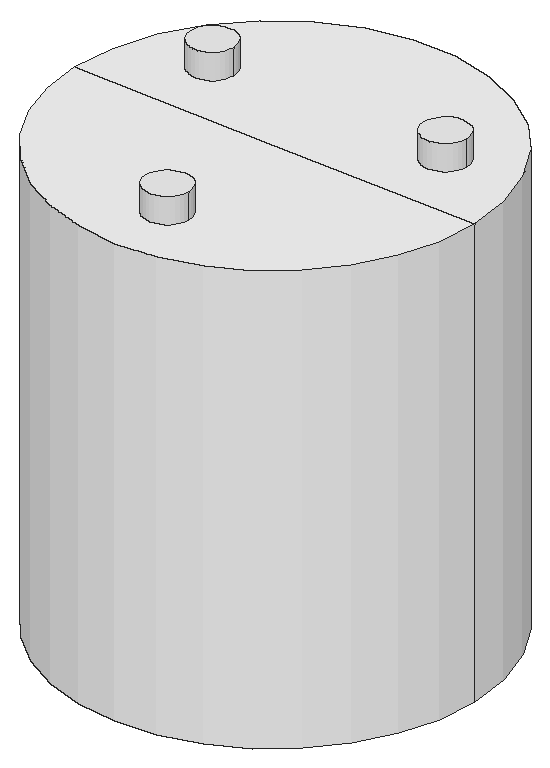
Revit family "Rax 200 surface - Generic", category Lighting Fixtures, Revit 2014
Parameters (values of type "Rax 200 Surface")
  Wattage Comments = ""
  WarrantyGuarantorParts = "n/a"
  WarrantyDurationParts = "n/a"
  WarrantyDescription = "n/a"
  Visible [instance] = yes
  Version = "v.1.0"
  Uniclass2 = "Pr_70_70_49_43 Light-Emitting Diode (LED) Luminaires"
  Uniclass 1.4 = "JY73"
  URL = "http://riegens.co.uk/rax-200-surface"
  Type Mark = ""
  TotalWattage = "Max. 17W / 23W / 31W"
  TagNumber = "n/a"
  Switch ID [instance] = ""
  SustainabilityPerformance = "n/a"
  SupplyCircuitConductorConnections = "n/a"
  Size = "Ø223 mm"
  Shape = "Circle"
  ProductInformation = "http://riegens.co.uk/rax-200-surface"
  PhotometricPerformance = "In accordance with BS EN 13032-1"
  PhaseReference = "IEC recommendations"
  Panel [instance] = ""
  Optic = "Plain, white or satin-matt reflector"
  OmniClass Title = "Luminaries for Internal Lighting"
  OmniClass Number = "23.80.70.11"
  NominalVoltage = "220-240V"
  Moves With Nearby Elements [instance] = no
  ModelReference = "Rax 200 Surface"
  Model = "Rax 200 Surface"
  Material = "Aluminium"
  Mark [instance] = "1"
  ManufacturersSpecificInformation = "n/a"
  ManufacturerURL = "www.riegens.com"
  Manufacturer = "Riegens A/S"
  LuminaireType = "Recessed Direct, Narrow beam, Asymmetric LED Luminaire"
  LuminairePowerFactor = ">0,9"
  LightSource = "LED 3000K / 4000K"
  LightFixturePlacingType = "Ceiling"
  LightFixtureMountingType = "Surface"
  Light Source Definition (family) = "Point+HemiSpherical"
  LampType = "LED"
  LampRating = "15W / 21W / 29W"
  LampColourRenderingIndex = "Ra>80 / Ra>90"
  Lamp = ""
  InternalFuse = "Only required in emergency versions"
  InsulationStandardClass = "Class 1"
  IfcExportType = "NOTDEFINED'"
  IfcExportAs = "IfcLightFixtureType'"
  IP_Code = "IP20"
  Height 2 = 253 mm
  Height 1 = 237 mm
  HasProtectiveEarth = "TRUE"
  Grade = "n/a"
  Frame = Riegens_Steel_Powder coated white gloss 25
  Finish = "Powder coated"
  Features = "n/a"
  Electrical Data [instance] = ""
  Documentation = "See URL hyperlink"
  DocumentReference = "See URL hyperlink"
  Diameter 1 = 223 mm
  Description = "70-80-35 General Lighting Systems"
  ControlGearPosition = "Integrated "
  Constituents = "n/a"
  Comments [instance] = ""
  Colour = "White"
  built-in parameter 1114216 [instance] = (empty or 0)
  CodePerformance = "n/a"
  Circuit Number [instance] = ""
  built-in parameter 1140040 [instance] = (empty or 0)
  CCSTopnode = "L"
  CCSClassName = "Belysningsarmatur"
  CCSClassCode = "UAC"
  BarCode = "n/a"
  BallastsCELMAEnergyEfficiencyIndex = "Class A1/A2"
  BSAB 96 = "SNB.2"
  BIMObjectName = "Rax 200 Surface.rfa"
  Author = "3dbyggeri"
  AssetType = "Moveable/Fixed"
  AssetIdentifier = "n/a"
  Assembly Description = ""
  Assembly Code = ""
  ArticleNumber = "See URL hyperlink"
  Apparent Load = 240 VA
  AccessibilityPerformance = "n/a"
Reference planes
  plane 1 "Center (Front/Back)": y = 0
  plane 2: z = 14
  plane 3 "Center (Left/Right)": x = 0
Dimensions and locks
  aligned and locked: level to plane 2
Nested families
  nested 1: "Rax 200 surface - Dummy" at (0, 0, 0), type "Standard"
Connectors
  electrical at (0, 0, 2)
    settings: on nested 1, index 1, voltage 0 V, apparent load 0 VA, apparent load phase1 0 VA, apparent load phase2 0 VA, apparent load phase3 0 VA, power factor 1, load classification "Other", number of poles 1, system type 31, power factor state 1, is connector primary yes, connector utility no, sub classification motor no, connector description ""
Definition of nested family "Rax 200 surface - Dummy"
  Parameters (values of type "Standard")
    Wattage = 29 W
    WarrantyGuarantorParts = "n/a"
    WarrantyDurationParts = "n/a"
    WarrantyDescription = "n/a"
    built-in parameter 1150110 = 1 (stored number, unit not read)
    Version = "v.1.0"
    Uniclass2 = "Pr_70_70_49_43 Light-Emitting Diode (LED) Luminaires"
    Uniclass 1.4 = "JY73"
    URL = "http://riegens.co.uk/rax-200-surface"
    TotalWattage = "Max. 17W / 23W / 31W"
    built-in parameter 1114217 = 1 (stored number, unit not read)
    Tilt Angle = 90.00°
    built-in parameter 1150109 = 1 (stored number, unit not read)
    built-in parameter 1150134 = 12
    TagNumber = "n/a"
    SustainabilityPerformance = "n/a"
    built-in parameter 1150113 = 1 (stored number, unit not read)
    SupplyCircuitConductorConnections = "n/a"
    Size = "Ø223 mm"
    Shape = "Circle"
    ProductInformation = "http://riegens.co.uk/rax-200-surface"
    PhotometricPerformance = "In accordance with BS EN 13032-1"
    Photometric Web File = "RaX Surface 200 29W LED 4000K Ra80 Refl. Satinmatt.ies"
    PhaseReference = "IEC recommendations"
    Optics = Riegens_Satin-matt
    Optic = "Plain, white or satin-matt reflector"
    NominalVoltage = "220-240V"
    ModelReference = "Rax 200 Surface"
    Model = "Rax 200 Surface"
    Material = "Aluminium"
    ManufacturersSpecificInformation = "n/a"
    ManufacturerURL = "www.riegens.com"
    Manufacturer = "Riegens A/S"
    built-in parameter 1150105 = 226.16 (stored number, unit not read)
    Lumens = 2842 lm
    LuminaireType = "Recessed Direct, Narrow beam, Asymmetric LED Luminaire"
    LuminairePowerFactor = ">0,9"
    built-in parameter 1150115 = 1 (stored number, unit not read)
    LightSource = "LED 3000K / 4000K"
    LightFixturePlacingType = "Ceiling"
    LightFixtureMountingType = "Surface"
    built-in parameter 1150137 = (empty or 0)
    built-in parameter 1150139 = (empty or 0)
    LampType = "LED"
    LampRating = "15W / 21W / 29W"
    LampColourRenderingIndex = "Ra>80 / Ra>90"
    built-in parameter 1150112 = 1 (stored number, unit not read)
    built-in parameter 1150114 = 1 (stored number, unit not read)
    InternalFuse = "Only required in emergency versions"
    InsulationStandardClass = "Class 1"
    built-in parameter 1150132 = (empty or 0)
    built-in parameter 1150102 = (empty or 0)
    built-in parameter 1150107 = 4000 (stored number, unit not read)
    built-in parameter 1150138 = (empty or 0)
    built-in parameter 1150106 = 2.2616 (stored number, unit not read)
    IfcExportType = "NOTDEFINED'"
    IfcExportAs = "IfcLightFixtureType'"
    IP_Code = "IP20"
    Height 2 = 253 mm
    Height 1 = 237 mm
    HasProtectiveEarth = "TRUE"
    Grade = "n/a"
    Frame = Riegens_Aluminium_Powder coated white gloss 25
    Finish = "Powder coated"
    Features = "n/a"
    built-in parameter 1150104 = 9.1045 (stored number, unit not read)
    Documentation = "See URL hyperlink"
    DocumentReference = "See URL hyperlink"
    Dimming Lamp Color Temperature Shift = (empty or 0)
    Diameter 1 = 223 mm
    Description = "70-80-35 General Lighting Systems"
    ControlGearPosition = "Integrated "
    Constituents = "n/a"
    Colour = "White"
    Color Filter = 16777215
    CodePerformance = "n/a"
    CCSTopnode = "L"
    CCSClassName = "Belysningsarmatur"
    CCSClassCode = "UAC"
    BarCode = "n/a"
    BallastsCELMAEnergyEfficiencyIndex = "Class A1/A2"
    built-in parameter 1114218 = 1 (stored number, unit not read)
    BSAB 96 = "SNB.2"
    BIMObjectName = "Rax 200 Surface.rfa"
    Author = "3dbyggeri"
    built-in parameter 1150133 = 10 (stored number, unit not read)
    AssetType = "Moveable/Fixed"
    AssetIdentifier = "n/a"
    ArticleNumber = "See URL hyperlink"
    Apparent Load = 240 VA
    AccessibilityPerformance = "n/a"
  Reference planes
    plane 1 "Light Source Axis (F/B)": y = 0
    plane 2: z = -7
    plane 3 "Light Source Axis (L/R)": x = 0
    plane 4 "Ceiling": z = 16
    plane 5 "Light Source Elevation": z = 0
    plane 6: z = 0
    plane 7: z = 16
    plane 8: z = -4.875
  Forms (mm)
    Revolve 1, solid, material "Riegens_Aluminium_Powder coated white gloss 25" <- "Frame"
      sketch origin (0, 0, 0) x (1, 0, 0) y (0, 0, 1)
        loop
          line (0, 2) -> (-111.5, 2) -> (-111.5, -237) -> (-86.167, -237) -> (-86.167, -224.993) -> (-30.023, -138.538) -> (0, -138.538) -> (0, 2)
        axis (0, 2) -> (0, -237)
      angle from 0 to 360
    Extrusion 2, solid, material "Riegens_Aluminum_powder coated white gloss 25"
      sketch origin (0, 0, 16) x (1, 0, 0) y (0, 1, 0)
        loop
          circle (0, -75.005) r 12
        loop
          circle (-64.874, 37.509) r 12
        loop
          circle (64.995, 37.481) r 12
      from 0 to -14
    Revolve 3, solid, material "Air Infiltration Barrier"
      sketch origin (0, 0, 0) x (1, 0, 0) y (0, 0, 1)
        loop
          line (-85.026, -225.039) -> (-29.501, -139.538) -> (0, -139.538) -> (0, -138.538) -> (-30, -138.538) -> (-86.174, -225.039) -> (-85.026, -225.039)
        axis (0, -138.538) -> (0, -225.039)
      angle from 0 to 360
  Dimensions and locks
    host sketch curve to plane 3 "Light Source Axis (L/R)" to host sketch curve = 1978.719 mm, 2021.281 mm
    equal spacing: host sketch curve, plane 1 "Light Source Axis (F/B)", host sketch curve
    host sketch curve to host sketch curve = 4000 mm  (x2)
    plane 4 "Ceiling" to host ceiling = 0 mm
    plane 5 "Light Source Elevation" to level = 16 mm
    aligned and locked: plane 4 "Ceiling" to level
    aligned and locked: level to host ceiling
